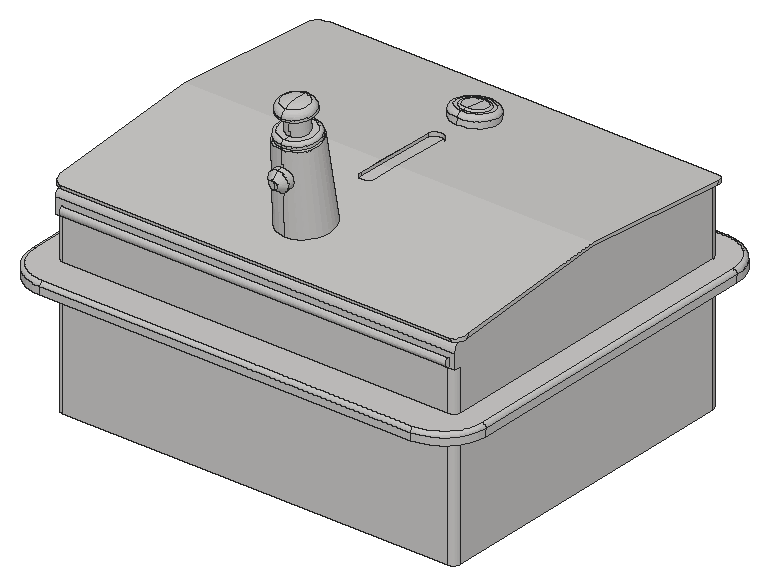
Revit family "PRD_AR_SpDspnsrs_STRATOSSoapDispenser_STR619N_STR619EN", category Specialty Equipment, host Face, Revit 2020
Family settings
  Host = Face
  Round Connector Dimension = Use Diameter
  Part Type = Normal
  OmniClass Number = 23.40.20.21.34
  OmniClass Title = Soap Holders, Dispensers
  Cut with Voids When Loaded = No
  Shared = No
  Room Calculation Point = No
Parameters (values of type "STR619EN")
  WarrantyStartDate [instance] = "1900-12-31T23:59:59"
  WarrantyGuarantorParts = "n/a"
  WarrantyGuarantorLabor = "n/a"
  WarrantyDurationUnit = "year"
  WarrantyDurationParts = "n/a"
  WarrantyDurationLabor = "n/a"
  WarrantyDescription = "n/a"
  Version = "1"
  Uniclass2015Version = "Products v1.10"
  Uniclass2015Title = "Soap dispenser"
  Uniclass2015Code = "Pr_40_70_22_81"
  URL = "www.kwc-professional.com"
  TypeOfSoapContainer = "Integrated refillable tank"
  TypeOfOperation = "Manual operation"
  TypeOfMounting = "Recessed mounting"
  TypeOfFixing = "Screw"
  TypeOfConsumable = "Liquid soap"
  TagNumber [instance] = "n/a"
  SustainabilityPerformance = "n/a"
  Style = "Soap dispenser"
  SoapDispenserMaterial = PRD_AR_StainlessSteel_SatinFinished
  Size = "211 x 181 x 159 mm"
  Shape = "n/a"
  SerialNumber [instance] = "n/a"
  STR619EN = yes
  STR619N = no
  Revision = "n/a"
  ReplacementCost = "n/a"
  ProductInformation = "http://pim.kwc.com/product/3600008890/attachment/datasheet?locale=en"
  NominalWidth = 211 mm
  NominalHeight = 181 mm
  NominalDepth = 159 mm
  NetWeight = 2.10 kg
  Name = "STRATOS Soap dispenser STR619EN"
  NBSTypeID = "n/a"
  NBSReference = "45-35-72/358"
  NBSOfficeMasterTag = "n/a"
  NBSNote = "n/a"
  NBSDescription = "Soap dispensers"
  NBSCertification = "n/a"
  ModelReference = "STR619EN"
  ModelOffset = 57 mm
  ModelNumber = "3600008890"
  Model = ModelReference  # "STR619EN"
  MaterialThickness = "1.50 mm"
  MaterialCode = "1.4301"
  Material = "Stainless steel"
  ManufacturerURL = "www.kwc-professional.com"
  ManufacturerName = "KWC Group Management AG"  # constant formula
  Manufacturer = ManufacturerName  # "KWC Group Management AG"
  MainColor = "Stainless steel"
  Lock = "Key-lock"
  IsBuiltIn = "TRUE"
  IntegralAccessories = "incl. stainless steel screws and dowels"
  InstallationDate [instance] = "1900-12-31T23:59:59"
  IfcExportType = "USERDEFINED"
  IfcExportAs = "IfcFurnitureType"
  GrossWeight = 2.60 kg
  Grade = "n/a"
  Finish = "Satin finished"
  FillingQuantityUom = "Liter"
  FillingQuantity = "1"
  Features = "stainless steel, satin finished"
  ExpectedLife = "n/a"
  DurationUnit = "year"
  Description = "STRATOS soap dispenser for recessed mounting, stainless steel, surface satin finished, material thickness 1.5 mm, curved front with inspection window and push button for front operation, cylinder lock with key, suitable for liquid soap or lotion, 1000 ml refill container, including mounting material."
  Default Elevation = 850 mm
  CreatedOn = "09/2024"  # constant formula
  Constituents = "n/a"
  Color = "n/a"
  CodePerformance = "n/a"
  Category = "Pr_40_70_22_81, Soap dispensers"
  BarCode [instance] = "n/a"
  BIMObjectName = "PRD_AR_SoapDispensers_STRATOSSoapDispenser_STR619EN"
  Author = "Archispace"  # constant formula
  AssetType = "Fixed"
  AssetIdentifier [instance] = "n/a"
  AccessibilityPerformance = "n/a"
Types (2, lengths in mm): name | TypeOfMounting | Size | STR619EN | STR619N | ProductInformation | NominalWidth | NominalHeight | NominalDepth | NetWeight | Name | ModelReference | ModelOffset | ModelNumber | Model | GrossWeight | Description | BIMObjectName
  STR619N | "Wall mounting" | "186 x 154 x 150 mm" | no | yes | "http://pim.kwc.com/product/3600008892/attachment/datasheet?locale=en" | 186 | 154 | 150 | 1.56 kg | "STRATOS Soap dispenser STR619N" | "STR619N" | 0 | "3600008892" | "STR619N" | 1.76 kg | "STRATOS soap dispenser for wall mounting, stainless steel, surface satin finished, material thickness 1.5 mm, curved front with inspection window and push button for front operation, cylinder lock with key, suitable for liquid soap or lotion, 1000 ml refill container, including mounting material." | "PRD_AR_SoapDispensers_STRATOSSoapDispenser_STR619N"
  STR619EN | "Recessed mounting" | "211 x 181 x 159 mm" | yes | no | "http://pim.kwc.com/product/3600008890/attachment/datasheet?locale=en" | 211 | 181 | 159 | 2.10 kg | "STRATOS Soap dispenser STR619EN" | "STR619EN" | 57 | "3600008890" | "STR619EN" | 2.60 kg | "STRATOS soap dispenser for recessed mounting, stainless steel, surface satin finished, material thickness 1.5 mm, curved front with inspection window and push button for front operation, cylinder lock with key, suitable for liquid soap or lotion, 1000 ml refill container, including mounting material." | "PRD_AR_SoapDispensers_STRATOSSoapDispenser_STR619EN"
Reference planes
  plane 1 "Center (Front/Back)": y = 0
  plane 2: z = 0
  plane 3 "Center (Left/Right)": x = 0
  plane 4: z = -57
Forms (mm)
  Extrusion 1, void
    sketch origin (0, 0, 0) x (1, 0, 0) y (0, 1, 0)
      loop
        line (-90.997, 75) -> (-90.997, -75) -> (91, -75) -> (91, 75) -> (-90.997, 75)
    from -57 to 10
Dimensions and locks
  "ModelOffset": level to plane 4
  aligned and locked: plane 2 to host face
  aligned and locked: level to host face
  aligned and locked: Extrusion 1 to plane 4
Automatic sketch dimensions
  host sketch curve to host sketch curve = 2438.4 mm  (x2)
  Extrusion 1 sketch curve to plane 3 "Center (Left/Right)" = 90.997 mm
  plane 3 "Center (Left/Right)" to Extrusion 1 sketch curve = 91 mm
  plane 1 "Center (Front/Back)" to Extrusion 1 sketch curve = 75 mm
  Extrusion 1 sketch curve to plane 1 "Center (Front/Back)" = 75 mm
Nested families
  nested 1: "STR619N" at (0, 0, -57), type "STR619N"
  nested 2: "STR619EN" at (0, 0, 0), visible <- "STR619EN", type "STR619EN"
Definition of nested family "STR619N"
  Parameters (values of type "STRX619")
    Material = none
    Default Elevation = 1219.2 mm
  Reference planes
    plane 1 "Center (Front/Back)": y = 0
    plane 2: z = 0
    plane 3 "Center (Left/Right)": x = 0
  Forms (mm)
    Extrusion 1, solid
      sketch origin (0, 0, 0) x (1, 0, 0) y (0, 1, 0)
        loop
          line (-250, 320) -> (-250, -321.369) -> (248.602, -321.369) -> (248.602, 320) -> (-250, 320)
      from 0 to -60
    Extrusion 2, solid, material <- "Material", detail levels fine
      sketch origin (0, 0, 0) x (0, 1, 0) y (0, 0, 1)
        loop
          line (-75, 0) -> (75, 0) -> (75, 90.716)
          arc (75, 90.716) -> (1.683, 97.497) -> (-71.686, 91.307) r 418
          arc (-71.686, 91.307) -> (-74.061, 89.941) -> (-75, 87.366) r 4
          line (-75, 87.366) -> (-75, 0)
      from -91 to 91
    Extrusion 3, solid, material <- "Material", detail levels fine
      sketch origin (0, 0, 0) x (0, 1, 0) y (0, 0, 1)
        loop
          line (77.026, 91.44) -> (77.3, 92.915)
          arc (77.3, 92.915) -> (1.149, 99.907) -> (-75, 92.899) r 417.681
          line (-75, 92.899) -> (-74.746, 91.42)
          arc (-74.746, 91.42) -> (1.139, 98.407) -> (77.026, 91.44) r 416.181
      from -93 to 93
    Revolve 4, solid, material <- "Material", detail levels fine
      sketch origin (0, -121.506, 0) x (0, 1, 0) y (0, 0, 1)
        loop
          line (171.319, 97.098) -> (181.213, 95.826) -> (181.551, 98.455)
          arc (181.551, 98.455) -> (181.15, 99.932) -> (179.822, 100.694) r 2
          line (179.822, 100.694) -> (178.077, 100.918)
          arc (178.077, 100.918) -> (177.761, 101.327) -> (177.282, 101.524) r 1
          line (177.282, 101.524) -> (171.976, 102.206) -> (171.319, 97.098)
        axis (171.319, 97.098) -> (171.976, 102.206)
      angle from 0 to 360
    Revolve 5, solid, material <- "Material", detail levels medium
      sketch origin (0, -114.108, -99.373) x (0, 1, 0) y (0, 0, 1)
        loop
          line (163.922, 196.471) -> (173.815, 195.199) -> (174.472, 200.307) -> (164.578, 201.579) -> (163.922, 196.471)
        axis (163.922, 196.471) -> (164.578, 201.579)
      angle from 0 to 360
    Extrusion 6, void
      sketch origin (0, 0, 0) x (1, 0, 0) y (0, 1, 0)
        loop
          line (-3.502, 27.407) -> (-3.502, -10.532)
          arc (-3.502, -10.532) -> (-0.002, -14.032) -> (3.498, -10.532) r 3.5
          line (3.498, -10.532) -> (3.498, 27.407)
          arc (3.498, 27.407) -> (-0.002, 30.907) -> (-3.502, 27.407) r 3.5
      from 91.44 to 103.732
    Revolve 7, solid, material <- "Material", detail levels fine
      sketch origin (0, 0, 0) x (0, 1, 0) y (0, 0, 1)
        loop
          line (-46.835, 145.117) -> (-43.755, 145.47) -> (-43.872, 146.493)
          arc (-43.872, 146.493) -> (-44.692, 148.232) -> (-46.398, 149.117) r 3
          arc (-46.398, 149.117) -> (-49.315, 149.367) -> (-52.238, 149.228) r 22
          line (-52.238, 149.228) -> (-46.255, 97.043) -> (-34.393, 98.403) -> (-40.659, 134.196)
          arc (-40.659, 134.196) -> (-40.852, 134.6) -> (-41.228, 134.843) r 0.827
          line (-41.228, 134.843) -> (-41.353, 135.936)
          arc (-41.353, 135.936) -> (-41.911, 136.94) -> (-43.014, 137.255) r 1.5
          line (-43.014, 137.255) -> (-45.896, 136.925) -> (-46.835, 145.117)
        axis (-52.238, 149.228) -> (-46.255, 97.043)
      angle from 0 to 360
    Revolve 8, solid, material <- "Material", detail levels fine
      sketch origin (0, 0, 0) x (0, 1, 0) y (0, 0, 1)
        loop
          line (-64.869, 121.564) -> (-64.641, 119.577) -> (-58.978, 120.226) -> (-59.505, 124.815) -> (-62.386, 124.484) -> (-64.869, 121.564)
        axis (-58.978, 120.226) -> (-64.641, 119.577)
      angle from 0 to 360
    Revolve 9, solid, material <- "Material", detail levels medium
      sketch origin (0, 0, 0) x (0, 1, 0) y (0, 0, 1)
        loop
          line (-46.255, 97.043) -> (-34.393, 98.403) -> (-43.138, 148.36)
          arc (-43.138, 148.36) -> (-47.643, 149.272) -> (-52.238, 149.228) r 22
          line (-52.238, 149.228) -> (-46.255, 97.043)
        axis (-52.238, 149.228) -> (-46.255, 97.043)
      angle from 0 to 360
    Revolve 10, solid, material <- "Material", detail levels medium
      sketch origin (0, 0, 0) x (0, 1, 0) y (0, 0, 1)
        loop
          line (-64.869, 121.564) -> (-64.641, 119.577) -> (-57.661, 120.377) -> (-58.187, 124.966) -> (-62.386, 124.484) -> (-64.869, 121.564)
        axis (-57.661, 120.377) -> (-64.641, 119.577)
      angle from 0 to 360
    Extrusion 11, void
      sketch origin (0, 0, 0) x (1, 0, 0) y (0, 1, 0)
        loop
          line (-93, 79.026) -> (-93, 72.3)
          arc (-93, 72.3) -> (-91.536, 75.835) -> (-88, 77.3) r 5
          line (-88, 77.3) -> (-88, 79.026) -> (-93, 79.026)
        loop
          line (93, 79.026) -> (88, 79.026) -> (88, 77.3)
          arc (88, 77.3) -> (91.536, 75.835) -> (93, 72.3) r 5
          line (93, 72.3) -> (93, 79.026)
        loop
          line (-93, -76.726) -> (-88, -76.726) -> (-88, -75)
          arc (-88, -75) -> (-91.536, -73.535) -> (-93, -70) r 5
          line (-93, -70) -> (-93, -76.726)
        loop
          line (93, -76.726) -> (93, -70)
          arc (93, -70) -> (91.536, -73.535) -> (88, -75) r 5
          line (88, -75) -> (88, -76.726) -> (93, -76.726)
      from 80.9 to 101.456
    Sweep 12, void
      path in 3D
        loop
          line (-91, -75, 0) -> (-91, -75, 80.5)
      profile origin (-91, -75, 40.25) x (0, 1, 0) y (-1, 0, 0)
        loop
          line (0, 0) -> (0, -3.2)
          arc (0, -3.2) -> (0.937, -0.937) -> (3.2, 0) r 3.2
          line (3.2, 0) -> (0, 0)
    Sweep 13, void
      path in 3D
        loop
          line (91, -75, 0) -> (91, -75, 80.5)
      profile origin (91, -75, 40.25) x (0, -1, 0) y (1, 0, 0)
        loop
          line (0, 0) -> (-3.2, 0)
          arc (-3.2, 0) -> (-0.937, -0.937) -> (0, -3.2) r 3.2
          line (0, -3.2) -> (0, 0)
    Sweep 14, void
      path in 3D
        loop
          line (-91, 75, 102.733) -> (-91, 75, 0)
      profile origin (-91, 75, 51.366) x (-1, 0, 0) y (0, -1, 0)
        loop
          line (0, 0) -> (0, 3.2)
          arc (0, 3.2) -> (-0.937, 0.937) -> (-3.2, 0) r 3.2
          line (-3.2, 0) -> (0, 0)
        loop
          line (-182, 0) -> (-178.8, 0)
          arc (-178.8, 0) -> (-181.063, 0.937) -> (-182, 3.2) r 3.2
          line (-182, 3.2) -> (-182, 0)
    Extrusion 15, solid, material <- "Material", detail levels fine
      sketch origin (0, 0, 0) x (0, 1, 0) y (0, 0, 1)
        loop
          line (-75, 80.764) -> (-75, 84.636)
          arc (-75, 84.636) -> (-76.5, 82.7) -> (-75, 80.764) r 2
      from -88 to 88
    Extrusion 16, solid, material <- "Material", detail levels medium
      sketch origin (0, 0, 0) x (0, 1, 0) y (0, 0, 1)
        loop
          line (-75, 0) -> (75, 0) -> (75, 90.716)
          arc (75, 90.716) -> (1.683, 97.497) -> (-71.686, 91.307) r 418
          arc (-71.686, 91.307) -> (-74.061, 89.941) -> (-75, 87.366) r 4
          line (-75, 87.366) -> (-75, 0)
      from -91 to 91
    Extrusion 17, solid, material <- "Material", detail levels medium
      sketch origin (0, 0, 0) x (0, 1, 0) y (0, 0, 1)
        loop
          line (77.026, 91.44) -> (77.3, 92.915)
          arc (77.3, 92.915) -> (1.149, 99.907) -> (-75, 92.899) r 417.681
          line (-75, 92.899) -> (-74.746, 91.42)
          arc (-74.746, 91.42) -> (1.139, 98.407) -> (77.026, 91.44) r 416.181
      from -93 to 93
    Extrusion 18, solid, material <- "Material", detail levels coarse
      sketch origin (0, 0, 0) x (0, 1, 0) y (0, 0, 1)
        loop
          line (-75, 0) -> (75, 0) -> (75, 99.905) -> (-75, 99.905) -> (-75, 0)
      from -91 to 91
    Extrusion 19, solid, material <- "Material", detail levels coarse
      sketch origin (0, 0, 0) x (0, 1, 0) y (0, 0, 1)
        loop
          line (-33.927, 99.905) -> (-33.927, 149.905) -> (-63.927, 149.905) -> (-63.927, 99.905) -> (-33.927, 99.905)
      from -12 to 12
  Cuts and joins
    Extrusion 6, Extrusion 11 cuts Extrusion 3
    Sweep 12, Sweep 13, Sweep 14 cuts Extrusion 2
    joined: Revolve 9, Revolve 10
  Lines and regions (mm)
    sketch lines
      curve 1: line (-91, -75, 0) -> (-91, -75, 80.5)
      curve 2: line (91, -75, 0) -> (91, -75, 80.5)
      curve 3: line (-91, 75, 102.733) -> (-91, 75, 0)
  Dimensions and locks
    aligned and locked: plane 2 to Extrusion 1
    aligned and locked: level to Extrusion 1
Definition of nested family "STR619EN"
  Parameters (values of type "STRX619E")
    Material = none
    Default Elevation = 1219.2 mm
  Reference planes
    plane 1 "Center (Front/Back)": y = 0
    plane 2: z = 0
    plane 3 "Center (Left/Right)": x = 0
  Forms (mm)
    Extrusion 1, solid
      sketch origin (0, 0, 0) x (1, 0, 0) y (0, 1, 0)
        loop
          line (-250, 320) -> (-250, -321.369) -> (248.602, -321.369) -> (248.602, 320) -> (-250, 320)
      from 0 to -60
    Extrusion 2, solid, material <- "Material", detail levels fine
      sketch origin (0, 0, 0) x (1, 0, 0) y (0, 1, 0)
        loop
          arc (-103.5, -73) -> (-97.935, -86.435) -> (-84.5, -92) r 19
          line (-84.5, -92) -> (84.5, -92)
          arc (84.5, -92) -> (97.935, -86.435) -> (103.5, -73) r 19
          line (103.5, -73) -> (103.5, 70)
          arc (103.5, 70) -> (97.935, 83.435) -> (84.5, 89) r 19
          line (84.5, 89) -> (-84.5, 89)
          arc (-84.5, 89) -> (-97.935, 83.435) -> (-103.5, 70) r 19
          line (-103.5, 70) -> (-103.5, -73)
        loop
          arc (-87.8, 75) -> (-90.063, 74.063) -> (-91, 71.8) r 3.2
          line (-91, 71.8) -> (-91, -71.8)
          arc (-91, -71.8) -> (-90.063, -74.063) -> (-87.8, -75) r 3.2
          line (-87.8, -75) -> (87.8, -75)
          arc (87.8, -75) -> (90.063, -74.063) -> (91, -71.8) r 3.2
          line (91, -71.8) -> (91, 71.8)
          arc (91, 71.8) -> (90.063, 74.063) -> (87.8, 75) r 3.2
          line (87.8, 75) -> (-87.8, 75)
      from 0 to 5
    Sweep 3, void
      path in 3D
        loop
          arc (-103.5, -73, 5) -> (-97.935, -86.435, 5) -> (-84.5, -92, 5) r 19
          line (-84.5, -92, 5) -> (84.5, -92, 5)
          arc (84.5, -92, 5) -> (97.935, -86.435, 5) -> (103.5, -73, 5) r 19
          line (103.5, -73, 5) -> (103.5, 70, 5)
          arc (103.5, 70, 5) -> (97.935, 83.435, 5) -> (84.5, 89, 5) r 19
          line (84.5, 89, 5) -> (-84.5, 89, 5)
          arc (-84.5, 89, 5) -> (-97.935, 83.435, 5) -> (-103.5, 70, 5) r 19
          line (-103.5, 70, 5) -> (-103.5, -73, 5)
      profile origin (-103.5, -1.5, 5) x (1, 0, 0) y (0, 0, 1)
        loop
          line (0, 0) -> (0, -1.7)
          arc (0, -1.7) -> (0.498, -0.498) -> (1.7, 0) r 1.7
          line (1.7, 0) -> (0, 0)
    Extrusion 4, solid, material <- "Material", detail levels medium
      sketch origin (0, 0, 0) x (1, 0, 0) y (0, 1, 0)
        loop
          arc (-103.5, -73) -> (-97.935, -86.435) -> (-84.5, -92) r 19
          line (-84.5, -92) -> (84.5, -92)
          arc (84.5, -92) -> (97.935, -86.435) -> (103.5, -73) r 19
          line (103.5, -73) -> (103.5, 70)
          arc (103.5, 70) -> (97.935, 83.435) -> (84.5, 89) r 19
          line (84.5, 89) -> (-84.5, 89)
          arc (-84.5, 89) -> (-97.935, 83.435) -> (-103.5, 70) r 19
          line (-103.5, 70) -> (-103.5, -73)
        loop
          line (-91, 75) -> (-91, -75) -> (91, -75) -> (91, 75) -> (-91, 75)
      from 0 to 5
    Extrusion 5, solid, material <- "Material", detail levels coarse
      sketch origin (0, 0, 0) x (1, 0, 0) y (0, 1, 0)
        loop
          line (-103.5, -92) -> (103.5, -92) -> (103.5, 89) -> (-103.5, 89) -> (-103.5, -92)
        loop
          line (-91, 75) -> (-91, -75) -> (91, -75) -> (91, 75) -> (-91, 75)
      from 0 to 5
  Cuts and joins
    Sweep 3 cuts Extrusion 2
  Lines and regions (mm)
    sketch lines
      curve 1: line (-103.5, 70, 5) -> (-103.5, -73, 5)
      curve 2: arc (-84.5, -92, 5) -> (-97.935, -86.435, 5) -> (-103.5, -73, 5) r 19
      curve 3: line (-84.5, -92, 5) -> (84.5, -92, 5)
      curve 4: arc (103.5, -73, 5) -> (97.935, -86.435, 5) -> (84.5, -92, 5) r 19
      curve 5: line (103.5, -73, 5) -> (103.5, 70, 5)
      curve 6: arc (84.5, 89, 5) -> (97.935, 83.435, 5) -> (103.5, 70, 5) r 19
      curve 7: line (84.5, 89, 5) -> (-84.5, 89, 5)
      curve 8: arc (-103.5, 70, 5) -> (-97.935, 83.435, 5) -> (-84.5, 89, 5) r 19
  Dimensions and locks
    aligned and locked: plane 2 to Extrusion 1
    aligned and locked: level to Extrusion 1
